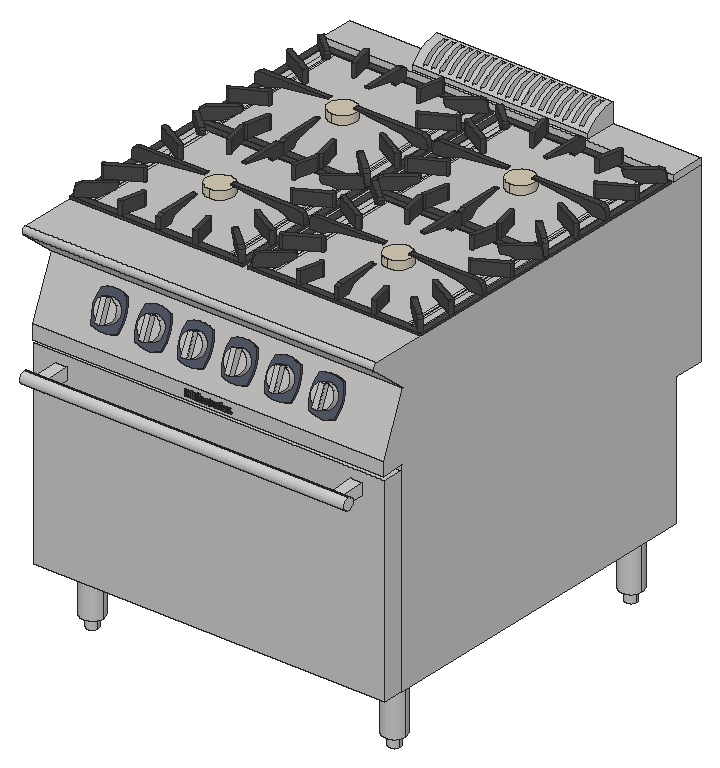
Revit family "QF_ELECTROLUXPROFESSIONAL_391574_E9AAMTBCMEI", category Attrezzature speciali, Revit 2018
Family settings
  Quota connettore circolare = Usa diametro
  Tipo di parte = Normale
  Basato su piano di lavoro = No
  Sempre verticale = Sì
  Taglio con vuoti quando caricato = No
  Condiviso = No
  Punto di calcolo locali = No
Parameters (values of type "Standard")
  Weight = 155.00 kg
  Watts = 6000 W
  Volts = 380 V
  URL Manufacturer = "https://www.electroluxprofessional.com/"
  URL = "https://www.electroluxprofessional.com/"
  Steam Supply Size = 0"
  Steam Supply Minimum Pressure = 0.00 psi
  Steam Supply Maximum Pressure = 0.00 psi
  Steam Consumption per Hour = 0
  Show Logo [instance] = yes
  Show Clearance [instance] = yes
  Refrigeration Suction Line Size = 0 mm
  Refrigeration Liquid Line Size = 0 mm
  Refrigerant Compressor Remote = yes
  Phase = 3
  Modello = "E9AAMTBCMEI"
  Produttore = "Electrolux Professional"
  Length Actual = 800 mm  # constant formula
  Item Number = "391574"
  Hot Water Size = 0"
  Height Actual = 850 mm  # constant formula
  HP = "8 HP"
  Gas Size = 1/2"
  Gas KW = 28
  Gas Input Pressure = 0.691056 Btu/h
  Direct Waste Size = 0"
  Descrizione = "4-BURNER GAS RANGE+ELECTRIC OVEN 800MM - QMARK"
  Depth Actual = 930 mm  # constant formula
  Cycle = 50 Hz
  Condensate Return Size = 0"
  Compressed Air Volume = 0 GPM
  Compressed Air Size = 0"
  Compressed Air Pressure = 0.00 psi
  Cold Water Size = 0"
  Accessory = yes
Values of the unnamed type that differ from the named types
  Weight = 0.00 kg
  Watts = 0 W
  Volts = 0 V
  URL Manufacturer = ""
  Item Number = ""
  HP = ""
  Gas KW = 0
  Gas Input Pressure = 0.0 Btu/h
  Cycle = 0 Hz
Reference planes
  plane 1 "BACK": y = 0
  plane 2: z = 0
  plane 3 "LEFT": x = 0
  plane 4 "RIGHT": x = 800.1
  plane 5 "FRONT": y = -930.275
  plane 6 "TOP": z = 909
  plane 7 "Center Y": x = 400.05
  plane 8 "Center X": y = -465.137
  plane 9: z = 150
  plane 10: z = 1397
  plane 11: y = -80.962
  plane 12: z = 851
  plane 13: x = 56
  plane 14: x = 744.1
  plane 15: y = -128
  plane 16: y = -802
  plane 17: y = -1306
  plane 18: y = -900
  plane 19: x = 552.1
  plane 20: x = 757.1
  plane 21: y = -665
Forms (mm)
  Extrusion 1, solid, material "QF_Finishes_Stainless Steel"
    sketch origin (0, 0, 0) x (0, 1, 0) y (0, 0, 1)
      loop
        line (0, 450.037) -> (0, 851) -> (-921.28, 851)
        arc (-921.28, 851) -> (-929.718, 845.109) -> (-927.095, 835.158) r 8.988
        line (-927.095, 835.158) -> (-846.681, 766.933) -> (-902.478, 641.576) -> (-902.478, 610.279) -> (-855.054, 614.975)
        arc (-855.054, 614.975) -> (-852.529, 614.227) -> (-851.437, 611.831) r 3.175
        line (-851.437, 611.831) -> (-851.437, 150) -> (-71.438, 150) -> (-71.438, 450.037) -> (0, 450.037)
    from 0 to 800.1
  Extrusion 2, solid, material "QF_Finishes_Stainless Steel"
    sketch origin (0, 0, 0) x (0, 1, 0) y (0, 0, 1)
      loop
        line (0, 851) -> (0, 865.288) -> (-76.2, 865.288) -> (-76.2, 851) -> (0, 851)
    from 0 to 800.1
  Extrusion 3, void
    sketch origin (-65.011, 0, 865.138) x (-1, 0, 0) y (0, -1, 0)
      loop
        line (-295.005, 6.761) -> (-285.709, 6.761) -> (-285.709, 63.911) -> (-295.005, 63.911) -> (-295.005, 6.761)
      loop
        line (-313.697, 6.761) -> (-304.401, 6.761) -> (-304.401, 63.911) -> (-313.697, 63.911) -> (-313.697, 6.761)
      loop
        line (-332.39, 6.761) -> (-323.094, 6.761) -> (-323.094, 63.911) -> (-332.39, 63.911) -> (-332.39, 6.761)
      loop
        line (-351.082, 6.761) -> (-341.787, 6.761) -> (-341.787, 63.911) -> (-351.082, 63.911) -> (-351.082, 6.761)
      loop
        line (-369.775, 6.761) -> (-360.479, 6.761) -> (-360.479, 63.911) -> (-369.775, 63.911) -> (-369.775, 6.761)
      loop
        line (-388.468, 6.761) -> (-379.172, 6.761) -> (-379.172, 63.911) -> (-388.468, 63.911) -> (-388.468, 6.761)
      loop
        line (-407.16, 6.761) -> (-397.864, 6.761) -> (-397.864, 63.911) -> (-407.16, 63.911) -> (-407.16, 6.761)
      loop
        line (-425.853, 6.761) -> (-416.557, 6.761) -> (-416.557, 63.911) -> (-425.853, 63.911) -> (-425.853, 6.761)
      loop
        line (-444.545, 6.761) -> (-435.25, 6.761) -> (-435.25, 63.911) -> (-444.545, 63.911) -> (-444.545, 6.761)
      loop
        line (-463.238, 6.761) -> (-453.942, 6.761) -> (-453.942, 63.911) -> (-463.238, 63.911) -> (-463.238, 6.761)
      loop
        line (-481.493, 6.761) -> (-472.635, 6.761) -> (-472.635, 63.911) -> (-481.493, 63.911) -> (-481.493, 6.761)
      loop
        line (-500.186, 6.761) -> (-490.89, 6.761) -> (-490.89, 63.911) -> (-500.186, 63.911) -> (-500.186, 6.761)
      loop
        line (-518.878, 6.761) -> (-509.583, 6.761) -> (-509.583, 63.911) -> (-518.878, 63.911) -> (-518.878, 6.761)
      loop
        line (-537.571, 6.761) -> (-528.275, 6.761) -> (-528.275, 63.911) -> (-537.571, 63.911) -> (-537.571, 6.761)
      loop
        line (-556.264, 6.761) -> (-546.968, 6.761) -> (-546.968, 63.911) -> (-556.264, 63.911) -> (-556.264, 6.761)
      loop
        line (-574.956, 6.761) -> (-565.66, 6.761) -> (-565.66, 63.911) -> (-574.956, 63.911) -> (-574.956, 6.761)
      loop
        line (-593.649, 6.761) -> (-584.353, 6.761) -> (-584.353, 63.911) -> (-593.649, 63.911) -> (-593.649, 6.761)
      loop
        line (-612.341, 6.761) -> (-603.046, 6.761) -> (-603.046, 63.911) -> (-612.341, 63.911) -> (-612.341, 6.761)
      loop
        line (-631.034, 6.761) -> (-621.738, 6.761) -> (-621.738, 63.911) -> (-631.034, 63.911) -> (-631.034, 6.761)
      loop
        line (-649.727, 6.761) -> (-640.431, 6.761) -> (-640.431, 63.911) -> (-649.727, 63.911) -> (-649.727, 6.761)
    from 9.525 to 45.348
  Extrusion 4, solid, material "QF_Finishes_Stainless Steel"
    sketch origin (400.05, 175.397, 1219.2) x (0, 1, 0) y (0, 0, 1)
      loop
        line (-175.397, -353.912) -> (-175.397, -310.2)
        arc (-175.397, -310.2) -> (-214.469, -318.821) -> (-245.247, -344.387) r 84.854
        line (-245.247, -344.387) -> (-245.247, -353.912) -> (-175.397, -353.912)
    from -200.05 to 199.95
  Extrusion 5, solid, material "QF_Finishes_Navy Blue"
    sketch origin (0, -879.281, 692.691) x (0, -0.406642, -0.913587) y (1, 0, 0)
      loop
        arc (-53.776, 223.651) -> (-18.194, 216.027) -> (17.514, 223.034) r 90.5
        arc (17.514, 223.034) -> (24.34, 252.222) -> (17.514, 281.409) r 65.817
        arc (17.514, 281.409) -> (-18.193, 288.369) -> (-53.776, 280.797) r 91.066
        arc (-53.776, 280.797) -> (-60.332, 252.224) -> (-53.776, 223.651) r 65.546
      loop
        arc (-53.776, 123.651) -> (-18.194, 116.027) -> (17.514, 123.034) r 90.5
        arc (17.514, 123.034) -> (24.34, 152.222) -> (17.514, 181.409) r 65.817
        arc (17.514, 181.409) -> (-18.193, 188.369) -> (-53.776, 180.797) r 91.066
        arc (-53.776, 180.797) -> (-60.332, 152.224) -> (-53.776, 123.651) r 65.546
      loop
        arc (-53.776, 576.786) -> (-60.332, 548.214) -> (-53.776, 519.641) r 65.546
        arc (-53.776, 519.641) -> (-18.193, 512.068) -> (17.514, 519.028) r 91.066
        arc (17.514, 519.028) -> (24.34, 548.216) -> (17.514, 577.404) r 65.817
        arc (17.514, 577.404) -> (-18.194, 584.411) -> (-53.776, 576.786) r 90.5
      loop
        arc (-53.776, 676.349) -> (-60.237, 647.995) -> (-53.776, 619.641) r 65.451
        arc (-53.776, 619.641) -> (-18.194, 612.032) -> (17.514, 619.025) r 90.665
        arc (17.514, 619.025) -> (24.245, 647.997) -> (17.514, 676.969) r 65.722
        arc (17.514, 676.969) -> (-18.195, 684.01) -> (-53.776, 676.349) r 90.1
      loop
        arc (-53.776, 420.279) -> (-18.194, 412.655) -> (17.514, 419.662) r 90.5
        arc (17.514, 419.662) -> (24.34, 448.849) -> (17.514, 478.037) r 65.817
        arc (17.514, 478.037) -> (-18.193, 484.997) -> (-53.776, 477.424) r 91.066
        arc (-53.776, 477.424) -> (-60.332, 448.852) -> (-53.776, 420.279) r 65.546
      loop
        arc (-53.776, 320.279) -> (-18.194, 312.655) -> (17.514, 319.662) r 90.5
        arc (17.514, 319.662) -> (24.34, 348.849) -> (17.514, 378.037) r 65.817
        arc (17.514, 378.037) -> (-18.193, 384.997) -> (-53.776, 377.424) r 91.066
        arc (-53.776, 377.424) -> (-60.332, 348.852) -> (-53.776, 320.279) r 65.546
    from 0 to 3.175
  Extrusion 6, solid, material "QF_Finishes_Stainless Steel"
    sketch origin (0, -882.182, 693.982) x (0, -0.406642, -0.913587) y (1, 0, 0)
      loop
        circle (-18.131, 252.457) r 25.4
      loop
        circle (-18.131, 152.457) r 25.4
      loop
        circle (-18.131, 547.543) r 25.4
      loop
        circle (-18.131, 647.543) r 25.4
      loop
        circle (-18.131, 349.085) r 25.4
      loop
        circle (-18.131, 449.085) r 25.4
    from 0 to 12.7
  Extrusion 7, solid, material "QF_Finishes_Stainless Steel"
    sketch origin (0, -893.785, 699.146) x (0, -0.406642, -0.913587) y (1, 0, 0)
      loop
        arc (-42.863, 258.243) -> (-43.531, 252.457) -> (-42.863, 246.671) r 25.4
        line (-42.863, 246.671) -> (6.601, 246.671)
        arc (6.601, 246.671) -> (7.269, 252.457) -> (6.601, 258.243) r 25.4
        line (6.601, 258.243) -> (-42.863, 258.243)
      loop
        arc (-42.863, 158.243) -> (-43.531, 152.457) -> (-42.863, 146.671) r 25.4
        line (-42.863, 146.671) -> (6.601, 146.671)
        arc (6.601, 146.671) -> (7.269, 152.457) -> (6.601, 158.243) r 25.4
        line (6.601, 158.243) -> (-42.863, 158.243)
      loop
        arc (-42.863, 553.425) -> (-43.531, 547.639) -> (-42.863, 541.852) r 25.4
        line (-42.863, 541.852) -> (6.601, 541.852)
        arc (6.601, 541.852) -> (7.269, 547.639) -> (6.601, 553.425) r 25.4
        line (6.601, 553.425) -> (-42.863, 553.425)
      loop
        arc (-42.863, 653.425) -> (-43.531, 647.639) -> (-42.863, 641.852) r 25.4
        line (-42.863, 641.852) -> (6.601, 641.852)
        arc (6.601, 641.852) -> (7.269, 647.639) -> (6.601, 653.425) r 25.4
        line (6.601, 653.425) -> (-42.863, 653.425)
      loop
        arc (-42.863, 454.871) -> (-43.531, 449.085) -> (-42.863, 443.299) r 25.4
        line (-42.863, 443.299) -> (6.601, 443.299)
        arc (6.601, 443.299) -> (7.269, 449.085) -> (6.601, 454.871) r 25.4
        line (6.601, 454.871) -> (-42.863, 454.871)
      loop
        arc (-42.863, 354.871) -> (-43.531, 349.085) -> (-42.863, 343.299) r 25.4
        line (-42.863, 343.299) -> (6.601, 343.299)
        arc (6.601, 343.299) -> (7.269, 349.085) -> (6.601, 354.871) r 25.4
        line (6.601, 354.871) -> (-42.863, 354.871)
    from 0 to 12.7
  Extrusion 8, solid, material "QF_Finishes_Navy Blue", visible <- "Show Logo"
    sketch origin (0, -902.478, 610.279) x (0, 0, 1) y (-1, 0, 0)
      loop
        line (21.268, -357.807) -> (8.901, -357.807)
        arc (8.901, -357.807) -> (15.085, -362.379) -> (21.268, -357.807) r 6.467
      loop
        arc (21.268, -357.178) -> (20.099, -352.035) -> (15.443, -349.557) r 6.338
        line (15.443, -349.557) -> (15.443, -351.603)
        arc (15.443, -351.603) -> (16.927, -355.258) -> (20.372, -357.178) r 5.941
        line (20.372, -357.178) -> (21.268, -357.178)
      loop
        arc (9.797, -357.178) -> (13.242, -355.258) -> (14.726, -351.603) r 5.941
        line (14.726, -351.603) -> (14.726, -349.557)
        arc (14.726, -349.557) -> (10.032, -352.031) -> (8.742, -357.178) r 6.504
        line (8.742, -357.178) -> (9.797, -357.178)
      loop
        line (21.943, -349.088) -> (8.198, -349.088) -> (8.198, -362.851) -> (21.943, -362.851) -> (21.943, -349.088)
      loop
        arc (22.026, -365.819) -> (21.679, -365.461) -> (21.312, -365.799) r 0.358
        arc (21.312, -365.799) -> (20.997, -366.549) -> (20.281, -366.934) r 1.216
        line (20.281, -366.934) -> (9.868, -366.934)
        arc (9.868, -366.934) -> (9.208, -366.657) -> (8.812, -366.06) r 1.238
        arc (8.812, -366.06) -> (8.417, -365.809) -> (8.112, -366.163) r 0.358
        line (8.112, -366.163) -> (8.112, -376.042) -> (10.863, -376.042) -> (10.863, -375.145)
        arc (10.863, -375.145) -> (9.954, -374.565) -> (9.498, -373.588) r 1.928
        line (9.498, -373.588) -> (9.498, -371.089)
        arc (9.498, -371.089) -> (9.774, -370.36) -> (10.462, -369.996) r 1.101
        line (10.462, -369.996) -> (14.549, -369.996) -> (14.549, -373.67)
        arc (14.549, -373.67) -> (14.196, -374.167) -> (13.631, -374.395) r 1.083
        arc (13.631, -374.395) -> (13.367, -374.7) -> (13.659, -374.978) r 0.292
        line (13.659, -374.978) -> (16.621, -374.978)
        arc (16.621, -374.978) -> (16.924, -374.705) -> (16.686, -374.375) r 0.305
        arc (16.686, -374.375) -> (16.195, -374.127) -> (15.89, -373.67) r 1.083
        line (15.89, -373.67) -> (15.89, -369.996) -> (20.567, -369.996) -> (20.567, -373.744)
        arc (20.567, -373.744) -> (20.353, -374.499) -> (19.747, -374.997) r 1.314
        arc (19.747, -374.997) -> (19.527, -375.401) -> (19.882, -375.694) r 0.361
        line (19.882, -375.694) -> (22.026, -375.694) -> (22.026, -365.819)
      loop
        arc (21.309, -376.474) -> (20.928, -377.393) -> (20.01, -377.773) r 1.299
        line (20.01, -377.773) -> (10.431, -377.773)
        arc (10.431, -377.773) -> (9.593, -377.395) -> (9.321, -376.517) r 1.118
        line (9.321, -376.517) -> (8.112, -376.517) -> (8.112, -381.867) -> (9.3, -381.867)
        arc (9.3, -381.867) -> (9.572, -380.95) -> (10.442, -380.554) r 1.153
        line (10.442, -380.554) -> (22.514, -380.554) -> (21.309, -376.474)
      loop
        line (13.077, -384.503) -> (13.077, -390.951) -> (13.876, -390.951)
        arc (13.876, -390.951) -> (16.456, -389.966) -> (17.725, -387.513) r 3.874
        line (17.725, -387.513) -> (17.725, -385.752)
        arc (17.725, -385.752) -> (16.538, -382.887) -> (13.674, -381.701) r 4.051
        line (13.674, -381.701) -> (11.666, -381.701)
        arc (11.666, -381.701) -> (8.847, -383.186) -> (7.795, -386.193) r 4.352
        arc (7.795, -386.193) -> (8.16, -388.656) -> (9.537, -390.73) r 5.713
        line (9.537, -390.73) -> (10.486, -390.73)
        arc (10.486, -390.73) -> (9.754, -389.161) -> (9.537, -387.443) r 5.579
        arc (9.537, -387.443) -> (10.331, -385.48) -> (12.21, -384.503) r 3.057
        line (12.21, -384.503) -> (13.077, -384.503)
      loop
        line (14.336, -384.503) -> (14.336, -388.085)
        arc (14.336, -388.085) -> (15.793, -388.133) -> (16.676, -386.973) r 1.59
        line (16.676, -386.973) -> (16.676, -386.143)
        arc (16.676, -386.143) -> (15.811, -384.888) -> (14.336, -384.503) r 2.184
      loop
        arc (17.127, -400.368) -> (17.616, -398.694) -> (17.773, -396.957) r 9.023
        line (17.773, -396.957) -> (17.773, -395.595)
        arc (17.773, -395.595) -> (16.614, -392.795) -> (13.814, -391.636) r 3.959
        line (13.814, -391.636) -> (11.214, -391.636)
        arc (11.214, -391.636) -> (8.932, -392.928) -> (7.815, -395.301) r 4.331
        line (7.815, -395.301) -> (7.815, -397.436)
        arc (7.815, -397.436) -> (8.323, -398.986) -> (9.245, -400.332) r 5.772
        arc (9.245, -400.332) -> (10.006, -400.383) -> (10.093, -399.624) r 0.553
        arc (10.093, -399.624) -> (9.705, -398.89) -> (9.571, -398.071) r 2.573
        line (9.571, -398.071) -> (9.571, -396.556)
        arc (9.571, -396.556) -> (10.577, -394.915) -> (12.392, -394.272) r 2.884
        line (12.392, -394.272) -> (13.67, -394.272)
        arc (13.67, -394.272) -> (15.492, -394.832) -> (16.418, -396.497) r 2.554
        line (16.418, -396.497) -> (16.418, -397.55)
        arc (16.418, -397.55) -> (16.087, -398.478) -> (15.43, -399.213) r 2.564
        arc (15.43, -399.213) -> (15.208, -399.93) -> (15.817, -400.368) r 0.643
        line (15.817, -400.368) -> (17.127, -400.368)
      loop
        line (16.109, -400.638) -> (16.109, -402.139) -> (10.061, -402.139)
        arc (10.061, -402.139) -> (8.473, -402.797) -> (7.815, -404.385) r 2.246
        line (7.815, -404.385) -> (7.815, -405.969)
        arc (7.815, -405.969) -> (8.129, -406.834) -> (8.629, -407.605) r 4.06
        arc (8.629, -407.605) -> (9.362, -407.738) -> (9.613, -407.037) r 0.576
        arc (9.613, -407.037) -> (9.507, -406.512) -> (9.571, -405.979) r 1.69
        arc (9.571, -405.979) -> (10.113, -405.191) -> (11.019, -404.888) r 1.506
        line (11.019, -404.888) -> (16.157, -404.888) -> (16.157, -407.285) -> (16.713, -407.842) -> (17.535, -407.842) -> (17.535, -404.982) -> (20.766, -404.982) -> (16.109, -400.638)
      loop
        line (8.032, -408.739) -> (8.032, -414.126) -> (9.142, -414.126)
        arc (9.142, -414.126) -> (9.536, -413.175) -> (10.487, -412.781) r 1.345
        line (10.487, -412.781) -> (14.103, -412.781)
        arc (14.103, -412.781) -> (14.868, -413.373) -> (15.157, -414.295) r 1.615
        line (15.157, -414.295) -> (15.157, -415.851) -> (17.713, -416.536) -> (17.713, -415.153) -> (15.771, -412.594) -> (17.651, -412.594) -> (17.367, -409.888)
        arc (17.367, -409.888) -> (16.927, -409.358) -> (16.268, -409.559) r 0.621
        arc (16.268, -409.559) -> (15.868, -409.901) -> (15.374, -410.084) r 1.501
        line (15.374, -410.084) -> (10.487, -410.084)
        arc (10.487, -410.084) -> (9.536, -409.69) -> (9.142, -408.739) r 1.345
        line (9.142, -408.739) -> (8.032, -408.739)
      loop
        line (14.134, -416.073) -> (11.442, -416.073)
        arc (11.442, -416.073) -> (8.996, -417.381) -> (7.863, -419.912) r 4.288
        arc (7.863, -419.912) -> (7.799, -421.292) -> (7.863, -422.672) r 15.022
        arc (7.863, -422.672) -> (8.996, -425.203) -> (11.442, -426.51) r 4.288
        line (11.442, -426.51) -> (14.134, -426.51)
        arc (14.134, -426.51) -> (16.579, -425.203) -> (17.713, -422.672) r 4.288
        arc (17.713, -422.672) -> (17.777, -421.292) -> (17.713, -419.912) r 15.022
        arc (17.713, -419.912) -> (16.579, -417.381) -> (14.134, -416.073) r 4.288
      loop
        line (14.339, -419.187) -> (11.237, -419.187)
        arc (11.237, -419.187) -> (9.08, -421.344) -> (11.237, -423.501) r 2.157
        line (11.237, -423.501) -> (14.339, -423.501)
        arc (14.339, -423.501) -> (16.496, -421.344) -> (14.339, -419.187) r 2.157
      loop
        arc (21.32, -426.369) -> (20.949, -427.263) -> (20.055, -427.633) r 1.264
        line (20.055, -427.633) -> (10.191, -427.633)
        arc (10.191, -427.633) -> (9.321, -427.236) -> (9.049, -426.32) r 1.153
        line (9.049, -426.32) -> (8.112, -426.32) -> (8.112, -431.428) -> (9.04, -431.428)
        arc (9.04, -431.428) -> (9.399, -430.656) -> (10.191, -430.341) r 1.153
        line (10.191, -430.341) -> (22.514, -430.341) -> (21.32, -426.369)
      loop
        arc (16.44, -430.966) -> (16.241, -432.03) -> (15.272, -432.512) r 1.215
        line (15.272, -432.512) -> (10.252, -432.512)
        arc (10.252, -432.512) -> (8.637, -433.16) -> (7.916, -434.743) r 2.338
        line (7.916, -434.743) -> (7.916, -436.257)
        arc (7.916, -436.257) -> (8.091, -437.261) -> (8.593, -438.147) r 2.979
        line (8.593, -438.147) -> (8.112, -439.944) -> (8.112, -441.633) -> (17.537, -441.633) -> (17.243, -437.429) -> (16.457, -437.429)
        arc (16.457, -437.429) -> (16.101, -438.265) -> (15.349, -438.774) r 1.605
        line (15.349, -438.774) -> (10.246, -438.774)
        arc (10.246, -438.774) -> (9.826, -437.837) -> (9.753, -436.813) r 2.94
        arc (9.753, -436.813) -> (10.314, -435.712) -> (11.467, -435.269) r 1.724
        line (11.467, -435.269) -> (17.664, -435.269) -> (16.44, -430.966)
      loop
        line (17.468, -442.486) -> (15.796, -444.532) -> (12.622, -446.838) -> (9.166, -443.726)
        arc (9.166, -443.726) -> (8.928, -443.332) -> (8.951, -442.873) r 0.789
        line (8.951, -442.873) -> (8.112, -442.873) -> (8.112, -446.418) -> (8.938, -446.418)
        arc (8.938, -446.418) -> (9.28, -446.056) -> (9.77, -446.148) r 0.52
        line (9.77, -446.148) -> (11.57, -447.619) -> (9.452, -448.995)
        arc (9.452, -448.995) -> (9.051, -448.685) -> (8.964, -448.185) r 0.7
        line (8.964, -448.185) -> (8.112, -448.185) -> (8.112, -454.112) -> (8.998, -454.112)
        arc (8.998, -454.112) -> (9.065, -453.453) -> (9.46, -452.922) r 1.247
        line (9.46, -452.922) -> (13.66, -449.641) -> (16.107, -451.694) -> (17.468, -453.436) -> (17.468, -449.713) -> (15.983, -450.135) -> (14.462, -448.858) -> (16.162, -447.668) -> (17.468, -448.445) -> (17.468, -442.486)
    from 0 to 1.644
  Extrusion 9, solid, material "QF_Finishes_Stainless Steel"
    sketch origin (0, -851.437, 611.831) x (0, 0, -1) y (1, 0, 0)
      loop
        line (461.056, 0) -> (461.056, 800) -> (9.61, 800) -> (9.61, 0) -> (461.056, 0)
    from 3.175 to 48.563
  Extrusion 10, solid, material "QF_Door-Drawer Clearances", visible <- "Show Clearance", detail levels coarse
    sketch origin (800, -851.437, 150.775) x (0, 0, 1) y (0, -1, 0)
      loop
        line (0, 454.563) -> (0, 48.563) -> (451.635, 48.563)
        arc (451.635, 48.563) -> (296.232, 329.892) -> (0, 454.563) r 490.361
    from 0 to -800
  Extrusion 11, solid, material "QF_Clearances", visible <- "Show Clearance", detail levels coarse
    sketch origin (0, 0, 0) x (1, 0, 0) y (0, 1, 0)
      loop
        line (-100.013, -930.275) -> (0, -930.275) -> (0, 0) -> (800.1, 0) -> (800.1, -930.275) -> (900.113, -930.275) -> (900.113, 100.013) -> (-100.013, 100.013) -> (-100.013, -930.275)
    from 0 to 909
  Revolve 12, solid, material "QF_Finishes_Stainless Steel"
    sketch origin (800.1, -128, 611.731) x (0, 0, -1) y (1, 0, 0)
      loop
        line (461.731, -56) -> (611.731, -56) -> (611.731, -43.3) -> (586.331, -43.3) -> (586.331, -30.6) -> (461.731, -30.6) -> (461.731, -56)
      axis (611.731, -56) -> (461.731, -56)
    angle from 0 to 360
  Revolve 13, solid, material "QF_Finishes_Stainless Steel"
    sketch origin (111.125, -128, 611.731) x (0, 0, -1) y (1, 0, 0)
      loop
        line (461.731, -55.125) -> (611.731, -55.125) -> (611.731, -42.425) -> (586.331, -42.425) -> (586.331, -29.725) -> (461.731, -29.725) -> (461.731, -55.125)
      axis (611.731, -55.125) -> (461.731, -55.125)
    angle from 0 to 360
  Revolve 14, solid, material "QF_Finishes_Stainless Steel"
    sketch origin (800.1, -802, 611.731) x (0, 0, -1) y (1, 0, 0)
      loop
        line (461.731, -56) -> (611.731, -56) -> (611.731, -43.3) -> (586.331, -43.3) -> (586.331, -30.6) -> (461.731, -30.6) -> (461.731, -56)
      axis (611.731, -56) -> (461.731, -56)
    angle from 0 to 360
  Revolve 15, solid, material "QF_Finishes_Stainless Steel"
    sketch origin (111.125, -802, 611.731) x (0, 0, -1) y (1, 0, 0)
      loop
        line (461.731, -55.125) -> (611.731, -55.125) -> (611.731, -42.425) -> (586.331, -42.425) -> (586.331, -29.725) -> (461.731, -29.725) -> (461.731, -55.125)
      axis (611.731, -55.125) -> (461.731, -55.125)
    angle from 0 to 360
  Extrusion 16, solid, material "QF_Finishes_Handrails and Railings"
    sketch origin (50.8, -1067.312, 150) x (0, 0, 1) y (0, 1, 0)
      loop
        circle (421.409, 103.146) r 12.7
    from 19.875 to -718.375
  Extrusion 17, solid, material "QF_Finishes_Handrails and Railings"
    sketch origin (800, -1067.312, 150) x (0, 0, 1) y (0, -1, 0)
      loop
        line (430.101, -167.312) -> (427.396, -114.347)
        arc (427.396, -114.347) -> (413.589, -113.153) -> (409.093, -100.044) r 12.7
        arc (409.093, -100.044) -> (408.276, -100.585) -> (407.501, -101.183) r 13.441
        arc (407.501, -101.183) -> (406.055, -102.989) -> (405.435, -105.216) r 5.77
        line (405.435, -105.216) -> (402.092, -167.312) -> (430.101, -167.312)
    from -50.7 to -76.1
  Extrusion 18, solid, material "QF_Finishes_Handrails and Railings"
    sketch origin (0.1, -1067.312, 150) x (0, 0, 1) y (0, 1, 0)
      loop
        line (430.101, 167.312) -> (402.092, 167.312) -> (405.435, 105.216)
        arc (405.435, 105.216) -> (406.055, 102.989) -> (407.501, 101.183) r 5.77
        arc (407.501, 101.183) -> (408.276, 100.585) -> (409.093, 100.044) r 13.441
        arc (409.093, 100.044) -> (413.589, 113.153) -> (427.396, 114.347) r 12.7
        line (427.396, 114.347) -> (430.101, 167.312)
    from -50.7 to -76.1
  Extrusion 19, solid, material "QF_Finishes_Stainless Steel"
    sketch origin (0, -851.437, 150) x (1, 0, 0) y (0, -1, 0)
      loop
        circle (757.1, -91.437) r 12.7
    from 0 to 4
  Extrusion 20, solid, material "QF_Finishes_Stainless Steel"
    sketch origin (0, -851.437, 150) x (1, 0, 0) y (0, -1, 0)
      loop
        circle (749.1, -186.437) r 6.4
    from 0 to 21
  Extrusion 21, solid, material "QF_Finishes_Stainless Steel"
    sketch origin (0, -851.437, 150) x (1, 0, 0) y (0, -1, 0)
      loop
        circle (649.1, -316.437) r 12.7
    from 0 to 3
Cuts and joins
  Extrusion 3 cuts Extrusion 4
Lines and regions (mm)
  Split face 1
    outline origin (0, -846.681, 766.933) x (0, -0.406642, -0.913587) y (1, 0, 0)
      loop
        circle (14.837, 511.387) r 5
  Split face 2
    outline origin (800.1, -846.681, 766.933) x (0, -0.406642, -0.913587) y (1, 0, 0)
      loop
        circle (14.837, -511.387) r 5
  symbolic lines, style "QF_Clearances", visible <- "Show Clearance", detail levels coarse
    curve 1: line (-100.013, -930.275, 0) -> (-100.012, 100.013, 0)
    curve 2: line (-100.013, 100.013, 0) -> (900.113, 100.013, 0)
    curve 3: line (900.113, 100.013, 0) -> (900.113, -929.879, 0)
  symbolic lines
    curve 4: line (0, 0, 0) -> (800.1, 0, 0)
    curve 5: line (800.1, 0, 0) -> (800.1, -930.275, 0)
    curve 6: line (0, -930.275, 0) -> (0, 0, 0)
    curve 7: line (0, -76.2, 0) -> (800.1, -76.2, 0)
    curve 8: line (0, -930.275, 0) -> (800.1, -930.275, 0)
    curve 13: line (50.8, -967.268, 0) -> (50.8, -930.275, 0)
    curve 14: line (50.8, -967.268, 0) -> (76.2, -967.268, 0)
    curve 15: line (76.2, -967.268, 0) -> (76.2, -930.275, 0)
    curve 16: line (30.925, -951.466, 0) -> (30.925, -976.866, 0)
    curve 17: line (30.925, -976.866, 0) -> (769.175, -976.866, 0)
    curve 18: line (769.175, -976.866, 0) -> (769.175, -951.466, 0)
    curve 19: line (769.175, -951.466, 0) -> (749.3, -951.466, 0)
    curve 20: line (749.3, -967.268, 0) -> (749.3, -930.275, 0)
    curve 21: line (723.9, -930.275, 0) -> (723.9, -967.268, 0)
    curve 22: line (723.9, -967.268, 0) -> (749.3, -967.268, 0)
    curve 23: line (76.2, -951.468, 0) -> (723.9, -951.468, 0)
    curve 24: line (200, -69.85, 0) -> (600, -69.85, 0)
    curve 25: line (220.698, -63.911, 0) -> (220.698, -6.761, 0)
    curve 26: line (220.698, -6.761, 0) -> (229.994, -6.761, 0)
    curve 27: line (229.994, -6.761, 0) -> (229.994, -63.911, 0)
    curve 28: line (229.994, -63.911, 0) -> (220.698, -63.911, 0)
    curve 29: line (239.39, -63.911, 0) -> (239.39, -6.761, 0)
    curve 30: line (239.39, -6.761, 0) -> (248.686, -6.761, 0)
    curve 31: line (248.686, -6.761, 0) -> (248.686, -63.911, 0)
    curve 32: line (248.686, -63.911, 0) -> (239.39, -63.911, 0)
    curve 33: line (258.083, -63.911, 0) -> (258.083, -6.761, 0)
    curve 34: line (258.083, -6.761, 0) -> (267.379, -6.761, 0)
    curve 35: line (267.379, -6.761, 0) -> (267.379, -63.911, 0)
    curve 36: line (267.379, -63.911, 0) -> (258.083, -63.911, 0)
    curve 37: line (276.776, -63.911, 0) -> (276.776, -6.761, 0)
    curve 38: line (276.776, -6.761, 0) -> (286.071, -6.761, 0)
    curve 39: line (286.071, -6.761, 0) -> (286.071, -63.911, 0)
    curve 40: line (286.071, -63.911, 0) -> (276.776, -63.911, 0)
    curve 41: line (295.468, -63.911, 0) -> (295.468, -6.761, 0)
    curve 42: line (295.468, -6.761, 0) -> (304.764, -6.761, 0)
    curve 43: line (304.764, -6.761, 0) -> (304.764, -63.911, 0)
    curve 44: line (304.764, -63.911, 0) -> (295.468, -63.911, 0)
    curve 45: line (314.161, -63.911, 0) -> (314.161, -6.761, 0)
    curve 46: line (314.161, -6.761, 0) -> (323.457, -6.761, 0)
    curve 47: line (323.457, -6.761, 0) -> (323.457, -63.911, 0)
    curve 48: line (323.457, -63.911, 0) -> (314.161, -63.911, 0)
    curve 49: line (332.854, -63.911, 0) -> (332.854, -6.761, 0)
    curve 50: line (332.854, -6.761, 0) -> (342.149, -6.761, 0)
    curve 51: line (342.149, -6.761, 0) -> (342.149, -63.911, 0)
    curve 52: line (342.149, -63.911, 0) -> (332.854, -63.911, 0)
    curve 53: line (351.546, -63.911, 0) -> (351.546, -6.761, 0)
    curve 54: line (351.546, -6.761, 0) -> (360.842, -6.761, 0)
    curve 55: line (360.842, -6.761, 0) -> (360.842, -63.911, 0)
    curve 56: line (360.842, -63.911, 0) -> (351.546, -63.911, 0)
    curve 57: line (370.239, -63.911, 0) -> (370.239, -6.761, 0)
    curve 58: line (370.239, -6.761, 0) -> (379.534, -6.761, 0)
    curve 59: line (379.534, -6.761, 0) -> (379.534, -63.911, 0)
    curve 60: line (379.534, -63.911, 0) -> (370.239, -63.911, 0)
    curve 61: line (388.931, -63.911, 0) -> (388.931, -6.761, 0)
    curve 62: line (388.931, -6.761, 0) -> (398.227, -6.761, 0)
    curve 63: line (398.227, -6.761, 0) -> (398.227, -63.911, 0)
    curve 64: line (398.227, -63.911, 0) -> (388.931, -63.911, 0)
    curve 65: line (407.624, -63.911, 0) -> (407.624, -6.761, 0)
    curve 66: line (407.624, -6.761, 0) -> (416.482, -6.761, 0)
    curve 67: line (416.482, -6.761, 0) -> (416.482, -63.911, 0)
    curve 68: line (416.482, -63.911, 0) -> (407.624, -63.911, 0)
    curve 69: line (425.879, -63.911, 0) -> (425.879, -6.761, 0)
    curve 70: line (425.879, -6.761, 0) -> (435.175, -6.761, 0)
    curve 71: line (435.175, -6.761, 0) -> (435.175, -63.911, 0)
    curve 72: line (435.175, -63.911, 0) -> (425.879, -63.911, 0)
    curve 73: line (444.572, -63.911, 0) -> (444.572, -6.761, 0)
    curve 74: line (444.572, -6.761, 0) -> (453.867, -6.761, 0)
    curve 75: line (453.867, -6.761, 0) -> (453.867, -63.911, 0)
    curve 76: line (453.867, -63.911, 0) -> (444.572, -63.911, 0)
    curve 77: line (463.264, -63.911, 0) -> (463.264, -6.761, 0)
    curve 78: line (463.264, -6.761, 0) -> (472.56, -6.761, 0)
    curve 79: line (472.56, -6.761, 0) -> (472.56, -63.911, 0)
    curve 80: line (472.56, -63.911, 0) -> (463.264, -63.911, 0)
    curve 81: line (481.957, -63.911, 0) -> (481.957, -6.761, 0)
    curve 82: line (481.957, -6.761, 0) -> (491.253, -6.761, 0)
    curve 83: line (491.253, -6.761, 0) -> (491.253, -63.911, 0)
    curve 84: line (491.253, -63.911, 0) -> (481.957, -63.911, 0)
    curve 85: line (500.65, -63.911, 0) -> (500.65, -6.761, 0)
    curve 86: line (500.65, -6.761, 0) -> (509.945, -6.761, 0)
    curve 87: line (509.945, -6.761, 0) -> (509.945, -63.911, 0)
    curve 88: line (509.945, -63.911, 0) -> (500.65, -63.911, 0)
    curve 89: line (519.342, -63.911, 0) -> (519.342, -6.761, 0)
    curve 90: line (519.342, -6.761, 0) -> (528.638, -6.761, 0)
    curve 91: line (528.638, -6.761, 0) -> (528.638, -63.911, 0)
    curve 92: line (528.638, -63.911, 0) -> (519.342, -63.911, 0)
    curve 93: line (538.035, -63.911, 0) -> (538.035, -6.761, 0)
    curve 94: line (538.035, -6.761, 0) -> (547.33, -6.761, 0)
    curve 95: line (547.33, -6.761, 0) -> (547.33, -63.911, 0)
    curve 96: line (547.33, -63.911, 0) -> (538.035, -63.911, 0)
    curve 97: line (556.727, -63.911, 0) -> (556.727, -6.761, 0)
    curve 98: line (556.727, -6.761, 0) -> (566.023, -6.761, 0)
    curve 99: line (566.023, -6.761, 0) -> (566.023, -63.911, 0)
    curve 100: line (566.023, -63.911, 0) -> (556.727, -63.911, 0)
    curve 101: line (575.42, -63.911, 0) -> (575.42, -6.761, 0)
    curve 102: line (575.42, -6.761, 0) -> (584.716, -6.761, 0)
    curve 103: line (584.716, -6.761, 0) -> (584.716, -63.911, 0)
    curve 104: line (584.716, -63.911, 0) -> (575.42, -63.911, 0)
    curve 105: line (600, -69.85, 0) -> (600, 0, 0)
    curve 106: line (200, 0, 0) -> (200, -69.85, 0)
  symbolic lines, style "QF_Door-Drawer Clearances"
    curve 9: line (800.1, -930.275, 0) -> (800.1, -1306, 0)
    curve 10: line (800.1, -1306, 0) -> (0, -1306, 0)
    curve 11: line (0, -930.275, 0) -> (0, -1306, 0)
  symbolic lines, style "SpecialityEquipment"
    curve 12: line (30.925, -951.466, 0) -> (50.8, -951.466, 0)
Dimensions and locks
  equal spacing: plane 3 "LEFT", plane 7 "Center Y", plane 4 "RIGHT"
  plane 3 "LEFT" to plane 4 "RIGHT" = 800.1 mm
  equal spacing: plane 5 "FRONT", plane 8 "Center X", plane 1 "BACK"
  plane 5 "FRONT" to plane 1 "BACK" = 930.275 mm  (x3)
  plane 6 "TOP" to plane 2 = 909 mm
  plane 9 to plane 2 = 150 mm
  plane 10 to plane 2 = 1397 mm
  plane 6 "TOP" to plane 12 = 58 mm  (x2)
  plane 12 to plane 2 = 851 mm
  plane 3 "LEFT" to plane 13 = 56 mm
  plane 4 "RIGHT" to plane 14 = 56 mm
  plane 15 to plane 1 "BACK" = 128 mm
  plane 16 to plane 15 = 674 mm
  Extrusion 1 sketch curve to plane 1 "BACK" = 71.438 mm
  Extrusion 1 sketch curve to plane 9 = 300.037 mm
  plane 17 to plane 1 "BACK" = 1306 mm
  plane 18 to plane 1 "BACK" = 900 mm
  plane 18 to plane 16 = 98 mm
  plane 9 to Extrusion 1 = 300.037 mm
  plane 4 "RIGHT" to plane 19 = 248 mm
  plane 4 "RIGHT" to plane 20 = 43 mm
  plane 13 to plane 14 = 688.1 mm
  plane 21 to plane 1 "BACK" = 665 mm
  Extrusion 19 sketch curve to plane 4 "RIGHT" = 43 mm
  Extrusion 19 sketch curve to plane 1 "BACK" = 760 mm
  plane 2 to Extrusion 20 = 129 mm
  aligned and locked: level to plane 2
  aligned and locked: Extrusion 1 to plane 4 "RIGHT"
  aligned and locked: Extrusion 2 to plane 4 "RIGHT"
  aligned and locked: Extrusion 10 to Extrusion 9
  aligned and locked: plane 6 "TOP" to Extrusion 11
Automatic sketch dimensions
  Extrusion 2 sketch curve to plane 12 = 0 mm
  Extrusion 2 sketch curve to plane 1 "BACK" = 0 mm
  plane 11 to Extrusion 2 sketch curve = 4.763 mm
  plane 12 to Extrusion 2 sketch curve = 14.288 mm
  plane 19 to Extrusion 3 sketch curve = 32.616 mm
  Extrusion 3 sketch curve to Extrusion 3 sketch curve = 9.296 mm  (x18)
  Extrusion 3 sketch curve to Extrusion 3 sketch curve = 9.397 mm  (x17)
  plane 19 to Extrusion 3 sketch curve = 4.627 mm
  Extrusion 3 sketch curve to plane 19 = 4.77 mm
  plane 7 "Center Y" to Extrusion 3 sketch curve = 7.574 mm
  Extrusion 3 sketch curve to plane 7 "Center Y" = 1.823 mm
  plane 1 "BACK" to Extrusion 3 sketch curve = 6.761 mm  (x20)
  plane 11 to Extrusion 3 sketch curve = 17.052 mm  (x20)
  Extrusion 4 sketch curve to plane 1 "BACK" = 0 mm
  Extrusion 4 sketch curve to plane 6 "TOP" = 0 mm
  plane 1 "BACK" to Extrusion 4 sketch curve = 1.769 mm
  plane 11 to Extrusion 4 sketch curve = 11.113 mm
  Extrusion 4 sketch curve to plane 6 "TOP" = 34.187 mm
  Extrusion 4 sketch curve to Extrusion 4 sketch curve = 9.525 mm
  plane 19 to Extrusion 5 sketch curve = 67.541 mm
  Extrusion 5 sketch curve to plane 13 = 167.651 mm
  Extrusion 5 sketch curve to Extrusion 5 sketch curve = 0 mm  (x16)
  Extrusion 5 sketch curve to plane 7 "Center Y" = 22.626 mm
  Extrusion 5 sketch curve to plane 19 = 32.459 mm
  plane 7 "Center Y" to Extrusion 5 sketch curve = 20.229 mm
  plane 19 to Extrusion 5 sketch curve = 24.686 mm
  Extrusion 5 sketch curve to Extrusion 5 sketch curve = 12.3 mm  (x18)
  Extrusion 5 sketch curve to plane 19 = 3.884 mm
  Extrusion 5 sketch curve to Extrusion 5 sketch curve = 36.365 mm  (x7)
  plane 7 "Center Y" to Extrusion 5 sketch curve = 3.101 mm
  Extrusion 5 sketch curve to plane 7 "Center Y" = 6.115 mm
  Extrusion 5 sketch curve to Extrusion 5 sketch curve = 46.691 mm  (x6)
  plane 7 "Center Y" to Extrusion 5 sketch curve = 19.612 mm
  Extrusion 5 sketch curve to plane 7 "Center Y" = 22.013 mm
  Extrusion 5 sketch curve to Extrusion 5 sketch curve = 0.617 mm
  Extrusion 5 sketch curve to Extrusion 5 sketch curve = 16.51 mm  (x2)
  Extrusion 5 sketch curve to Extrusion 5 sketch curve = 9.217 mm  (x2)
  Extrusion 5 sketch curve to Extrusion 5 sketch curve = 15.898 mm
  Extrusion 5 sketch curve to Extrusion 5 sketch curve = 29.185 mm
  Extrusion 5 sketch curve to Extrusion 5 sketch curve = 28.57 mm  (x2)
  Extrusion 5 sketch curve to Extrusion 5 sketch curve = 13.138 mm
  Extrusion 5 sketch curve to Extrusion 5 sketch curve = 9.238 mm
  Extrusion 5 sketch curve to Extrusion 5 sketch curve = 15.894 mm
  Extrusion 5 sketch curve to Extrusion 5 sketch curve = 28.97 mm
  Extrusion 6 sketch curve to Extrusion 6 sketch curve = 0 mm  (x5)
  Extrusion 6 sketch curve to Extrusion 6 sketch curve = 100 mm  (x3)
  Extrusion 6 sketch curve to Extrusion 6 sketch curve = 96.628 mm
  Extrusion 6 sketch curve to Extrusion 6 sketch curve = 98.458 mm
  Extrusion 7 sketch curve to Extrusion 7 sketch curve = 0 mm  (x12)
  Extrusion 7 sketch curve to Extrusion 7 sketch curve = 24.732 mm  (x8)
  Extrusion 7 sketch curve to Extrusion 7 sketch curve = 86.982 mm
  Extrusion 7 sketch curve to Extrusion 7 sketch curve = 5.786 mm  (x2)
  Extrusion 7 sketch curve to Extrusion 7 sketch curve = 88.428 mm
  Extrusion 8 sketch curve to Extrusion 1 = 2.755 mm
  Extrusion 8 sketch curve to Extrusion 1 = 7.795 mm
  Extrusion 8 sketch curve to Extrusion 1 = 7.815 mm  (x2)
  Extrusion 8 sketch curve to Extrusion 8 sketch curve = 5.108 mm  (x2)
  Extrusion 8 sketch curve to Extrusion 8 sketch curve = 0 mm  (x27)
  Extrusion 8 sketch curve to Extrusion 1 = 7.916 mm
  Extrusion 8 sketch curve to Extrusion 8 sketch curve = 0.218 mm
  Extrusion 8 sketch curve to Extrusion 8 sketch curve = 0.195 mm
  Extrusion 8 sketch curve to Extrusion 8 sketch curve = 0.249 mm
  Extrusion 8 sketch curve to Extrusion 1 = 8.112 mm
  Extrusion 8 sketch curve to Extrusion 8 sketch curve = 0.087 mm
  Extrusion 8 sketch curve to Extrusion 8 sketch curve = 0.358 mm
  Extrusion 8 sketch curve to Extrusion 8 sketch curve = 0.481 mm
  Extrusion 8 sketch curve to Extrusion 8 sketch curve = 0.597 mm
  Extrusion 8 sketch curve to Extrusion 8 sketch curve = 0.544 mm
  Extrusion 8 sketch curve to Extrusion 8 sketch curve = 0.936 mm
  Extrusion 8 sketch curve to Extrusion 8 sketch curve = 0.594 mm
  Extrusion 8 sketch curve to Extrusion 8 sketch curve = 0.343 mm
  Extrusion 8 sketch curve to Extrusion 8 sketch curve = 0.159 mm
  Extrusion 8 sketch curve to Extrusion 8 sketch curve = 0.826 mm
  Extrusion 8 sketch curve to Extrusion 8 sketch curve = 0.839 mm
  Extrusion 8 sketch curve to Extrusion 8 sketch curve = 0.852 mm
  Extrusion 8 sketch curve to Extrusion 8 sketch curve = 0.887 mm
  Extrusion 8 sketch curve to Extrusion 8 sketch curve = 0.928 mm
  Extrusion 8 sketch curve to Extrusion 8 sketch curve = 0.938 mm
  Extrusion 8 sketch curve to Extrusion 8 sketch curve = 0.444 mm
  Extrusion 8 sketch curve to Extrusion 8 sketch curve = 1.11 mm  (x3)
  Extrusion 8 sketch curve to Extrusion 8 sketch curve = 0.215 mm
  Extrusion 8 sketch curve to Extrusion 8 sketch curve = 1.43 mm
  Extrusion 8 sketch curve to Extrusion 8 sketch curve = 1.188 mm
  Extrusion 8 sketch curve to Extrusion 8 sketch curve = 1.21 mm  (x2)
  Extrusion 8 sketch curve to Extrusion 8 sketch curve = 0.503 mm
  Extrusion 8 sketch curve to Extrusion 8 sketch curve = 0.488 mm
  Extrusion 8 sketch curve to Extrusion 8 sketch curve = 0.462 mm
  Extrusion 8 sketch curve to Extrusion 8 sketch curve = 1.386 mm
  Extrusion 8 sketch curve to Extrusion 8 sketch curve = 1.742 mm  (x2)
  Extrusion 8 sketch curve to Extrusion 8 sketch curve = 0.821 mm
  Extrusion 8 sketch curve to Extrusion 8 sketch curve = 0.497 mm
  Extrusion 8 sketch curve to Extrusion 8 sketch curve = 0.539 mm
  Extrusion 8 sketch curve to Extrusion 8 sketch curve = 0.199 mm
  Extrusion 8 sketch curve to Extrusion 8 sketch curve = 0.408 mm
  Extrusion 8 sketch curve to Extrusion 8 sketch curve = 0.743 mm
  Extrusion 8 sketch curve to Extrusion 8 sketch curve = 1.16 mm
  Extrusion 8 sketch curve to Extrusion 8 sketch curve = 0.329 mm
  Extrusion 8 sketch curve to Extrusion 8 sketch curve = 1.054 mm
  Extrusion 8 sketch curve to Extrusion 8 sketch curve = 1.056 mm
  Extrusion 8 sketch curve to Extrusion 8 sketch curve = 0.129 mm
  Extrusion 8 sketch curve to Extrusion 8 sketch curve = 0.489 mm
  Extrusion 8 sketch curve to Extrusion 8 sketch curve = 0.441 mm
  Extrusion 8 sketch curve to Extrusion 8 sketch curve = 1.151 mm
  Extrusion 8 sketch curve to Extrusion 8 sketch curve = 1.141 mm  (x2)
  Extrusion 8 sketch curve to Extrusion 8 sketch curve = 0.768 mm
  Extrusion 8 sketch curve to Extrusion 8 sketch curve = 1.653 mm
  Extrusion 8 sketch curve to Extrusion 8 sketch curve = 0.499 mm
  Extrusion 8 sketch curve to Extrusion 8 sketch curve = 0.964 mm
  Extrusion 8 sketch curve to Extrusion 8 sketch curve = 0.949 mm
  Extrusion 8 sketch curve to Extrusion 8 sketch curve = 1.345 mm  (x3)
  Extrusion 8 sketch curve to Extrusion 8 sketch curve = 1.101 mm
  Extrusion 8 sketch curve to Extrusion 8 sketch curve = 0.432 mm
  Extrusion 8 sketch curve to Extrusion 8 sketch curve = 1.142 mm
  Extrusion 8 sketch curve to Extrusion 8 sketch curve = 0.959 mm
  Extrusion 8 sketch curve to Extrusion 8 sketch curve = 0.176 mm
  Extrusion 8 sketch curve to Extrusion 8 sketch curve = 0.728 mm
  Extrusion 8 sketch curve to Extrusion 8 sketch curve = 3.375 mm  (x2)
  Extrusion 8 sketch curve to Extrusion 8 sketch curve = 0.541 mm
  Extrusion 8 sketch curve to Extrusion 8 sketch curve = 0.955 mm
  Extrusion 8 sketch curve to Extrusion 8 sketch curve = 1.251 mm
  Extrusion 8 sketch curve to Extrusion 8 sketch curve = 0.572 mm
  Extrusion 8 sketch curve to Extrusion 8 sketch curve = 1.92 mm
  Extrusion 8 sketch curve to Extrusion 8 sketch curve = 1.224 mm
  Extrusion 8 sketch curve to Extrusion 8 sketch curve = 0.745 mm
  Extrusion 8 sketch curve to Extrusion 8 sketch curve = 2.537 mm
  Extrusion 8 sketch curve to Extrusion 8 sketch curve = 0.896 mm  (x3)
  Extrusion 8 sketch curve to Extrusion 8 sketch curve = 0.036 mm
  Extrusion 8 sketch curve to Extrusion 8 sketch curve = 2.607 mm
  Extrusion 8 sketch curve to Extrusion 8 sketch curve = 0.066 mm
  Extrusion 8 sketch curve to Extrusion 8 sketch curve = 0.248 mm
  Extrusion 8 sketch curve to Extrusion 8 sketch curve = 0.449 mm
  Extrusion 8 sketch curve to Extrusion 8 sketch curve = 1.052 mm
  Extrusion 8 sketch curve to Extrusion 8 sketch curve = 1.863 mm
  Extrusion 8 sketch curve to Extrusion 8 sketch curve = 1.31 mm  (x2)
  Extrusion 8 sketch curve to Extrusion 8 sketch curve = 0.901 mm
  Extrusion 8 sketch curve to Extrusion 8 sketch curve = 1.107 mm
  Extrusion 8 sketch curve to Extrusion 8 sketch curve = 2.122 mm
  Extrusion 8 sketch curve to Extrusion 8 sketch curve = 2.101 mm
  Extrusion 8 sketch curve to Extrusion 8 sketch curve = 0.106 mm
  Extrusion 8 sketch curve to Extrusion 8 sketch curve = 0.029 mm
  Extrusion 8 sketch curve to Extrusion 8 sketch curve = 2.09 mm
  Extrusion 8 sketch curve to Extrusion 8 sketch curve = 1.279 mm
  Extrusion 8 sketch curve to Extrusion 8 sketch curve = 2.008 mm
  Extrusion 8 sketch curve to Extrusion 8 sketch curve = 0.738 mm
  Extrusion 8 sketch curve to Extrusion 8 sketch curve = 0.382 mm
  Extrusion 8 sketch curve to Extrusion 8 sketch curve = 0.384 mm
  Extrusion 8 sketch curve to Extrusion 8 sketch curve = 0.002 mm
  Extrusion 8 sketch curve to Extrusion 8 sketch curve = 0.561 mm
  Extrusion 8 sketch curve to Extrusion 8 sketch curve = 0.592 mm
  Extrusion 8 sketch curve to Extrusion 8 sketch curve = 2.692 mm
  Extrusion 8 sketch curve to Extrusion 8 sketch curve = 1.259 mm
  Extrusion 8 sketch curve to Extrusion 8 sketch curve = 0.802 mm
  Extrusion 8 sketch curve to Extrusion 8 sketch curve = 1.024 mm  (x2)
  Extrusion 8 sketch curve to Extrusion 8 sketch curve = 0.682 mm
  Extrusion 8 sketch curve to Extrusion 8 sketch curve = 5.934 mm
  Extrusion 8 sketch curve to Extrusion 8 sketch curve = 2.186 mm
  Extrusion 8 sketch curve to Extrusion 8 sketch curve = 0.337 mm
  Extrusion 8 sketch curve to Extrusion 8 sketch curve = 0.021 mm
  Extrusion 8 sketch curve to Extrusion 8 sketch curve = 1.005 mm
  Extrusion 8 sketch curve to Extrusion 8 sketch curve = 0.552 mm
  Extrusion 8 sketch curve to Extrusion 8 sketch curve = 0.778 mm
  Extrusion 8 sketch curve to Extrusion 8 sketch curve = 0.063 mm
  Extrusion 8 sketch curve to Extrusion 8 sketch curve = 1.023 mm
  Extrusion 8 sketch curve to Extrusion 8 sketch curve = 3.804 mm
  Extrusion 8 sketch curve to Extrusion 8 sketch curve = 0.486 mm
  Extrusion 8 sketch curve to Extrusion 8 sketch curve = 0.266 mm
  Extrusion 8 sketch curve to Extrusion 8 sketch curve = 1.547 mm
  Extrusion 8 sketch curve to Extrusion 8 sketch curve = 0.717 mm  (x2)
  Extrusion 8 sketch curve to Extrusion 8 sketch curve = 1.667 mm
  Extrusion 8 sketch curve to Extrusion 8 sketch curve = 3.174 mm
  Extrusion 8 sketch curve to Extrusion 8 sketch curve = 0.388 mm
  Extrusion 8 sketch curve to Extrusion 8 sketch curve = 1.342 mm
  Extrusion 8 sketch curve to Extrusion 8 sketch curve = 1.521 mm
  Extrusion 8 sketch curve to Extrusion 8 sketch curve = 0.124 mm
  Extrusion 8 sketch curve to Extrusion 8 sketch curve = 0.291 mm
  Extrusion 8 sketch curve to Extrusion 8 sketch curve = 1.049 mm  (x2)
  Extrusion 8 sketch curve to Extrusion 8 sketch curve = 1.7 mm
  Extrusion 8 sketch curve to Extrusion 8 sketch curve = 0.894 mm
  Extrusion 8 sketch curve to Extrusion 8 sketch curve = 0.989 mm
  Extrusion 8 sketch curve to Extrusion 8 sketch curve = 1.168 mm
  Extrusion 8 sketch curve to Extrusion 8 sketch curve = 1.594 mm
  Extrusion 8 sketch curve to Extrusion 8 sketch curve = 0.731 mm
  Extrusion 8 sketch curve to Extrusion 8 sketch curve = 1.566 mm
  Extrusion 8 sketch curve to Extrusion 8 sketch curve = 0.064 mm
  Extrusion 8 sketch curve to Extrusion 8 sketch curve = 0.556 mm  (x2)
  Extrusion 8 sketch curve to Extrusion 8 sketch curve = 0.48 mm
  Extrusion 8 sketch curve to Extrusion 8 sketch curve = 1.018 mm
  Extrusion 8 sketch curve to Extrusion 8 sketch curve = 0.787 mm
  Extrusion 8 sketch curve to Extrusion 8 sketch curve = 0.618 mm
  Extrusion 8 sketch curve to Extrusion 8 sketch curve = 1.672 mm
  Extrusion 8 sketch curve to Extrusion 8 sketch curve = 1.361 mm
  Extrusion 8 sketch curve to Extrusion 8 sketch curve = 0.822 mm
  Extrusion 8 sketch curve to Extrusion 8 sketch curve = 0.069 mm
  Extrusion 8 sketch curve to Extrusion 8 sketch curve = 1.88 mm
  Extrusion 8 sketch curve to Extrusion 8 sketch curve = 0.42 mm
  Extrusion 8 sketch curve to Extrusion 8 sketch curve = 0.062 mm
  Extrusion 8 sketch curve to Extrusion 8 sketch curve = 1.355 mm
  Extrusion 8 sketch curve to Extrusion 8 sketch curve = 2.34 mm
  Extrusion 8 sketch curve to Extrusion 8 sketch curve = 0.493 mm
  Extrusion 8 sketch curve to Extrusion 8 sketch curve = 0.136 mm
  Extrusion 8 sketch curve to Extrusion 8 sketch curve = 0.128 mm
  Extrusion 8 sketch curve to Extrusion 8 sketch curve = 3.616 mm
  Extrusion 8 sketch curve to Extrusion 8 sketch curve = 4.207 mm
  Extrusion 8 sketch curve to Extrusion 8 sketch curve = 0.183 mm
  Extrusion 8 sketch curve to Extrusion 8 sketch curve = 0.895 mm
  Extrusion 8 sketch curve to Extrusion 8 sketch curve = 1.314 mm
  Extrusion 8 sketch curve to Extrusion 8 sketch curve = 3.231 mm
  Extrusion 8 sketch curve to Extrusion 8 sketch curve = 1.299 mm
  Extrusion 8 sketch curve to Extrusion 8 sketch curve = 1.214 mm
  Extrusion 8 sketch curve to Extrusion 8 sketch curve = 1.264 mm
  Extrusion 8 sketch curve to Extrusion 8 sketch curve = 0.109 mm
  Extrusion 8 sketch curve to Extrusion 8 sketch curve = 0.357 mm
  Extrusion 8 sketch curve to Extrusion 8 sketch curve = 0.565 mm
  Extrusion 8 sketch curve to Extrusion 8 sketch curve = 2.504 mm
  Extrusion 8 sketch curve to Extrusion 8 sketch curve = 2.459 mm
  Extrusion 1 to Extrusion 8 sketch curve = 345.988 mm
  Extrusion 8 sketch curve to Extrusion 8 sketch curve = 0.208 mm
  Extrusion 8 sketch curve to Extrusion 8 sketch curve = 0.468 mm  (x2)
  Extrusion 8 sketch curve to Extrusion 8 sketch curve = 1.559 mm
  Extrusion 8 sketch curve to Extrusion 8 sketch curve = 0.422 mm  (x2)
  Extrusion 8 sketch curve to Extrusion 8 sketch curve = 0.494 mm
  Extrusion 8 sketch curve to Extrusion 8 sketch curve = 3.927 mm
  Extrusion 8 sketch curve to Extrusion 8 sketch curve = 0.782 mm
  Extrusion 8 sketch curve to Extrusion 8 sketch curve = 1.268 mm
  Extrusion 8 sketch curve to Extrusion 8 sketch curve = 0.671 mm
  Extrusion 8 sketch curve to Extrusion 8 sketch curve = 0.777 mm
  Extrusion 8 sketch curve to Extrusion 8 sketch curve = 0.704 mm
  Extrusion 8 sketch curve to Extrusion 8 sketch curve = 0.781 mm  (x2)
  Extrusion 8 sketch curve to Extrusion 8 sketch curve = 1.634 mm
  Extrusion 8 sketch curve to Extrusion 8 sketch curve = 0.132 mm
  Extrusion 8 sketch curve to Extrusion 8 sketch curve = 3.136 mm
  Extrusion 8 sketch curve to Extrusion 8 sketch curve = 2.422 mm
  Extrusion 8 sketch curve to Extrusion 8 sketch curve = 0.586 mm
  Extrusion 8 sketch curve to Extrusion 8 sketch curve = 2.046 mm  (x2)
  Extrusion 8 sketch curve to Extrusion 8 sketch curve = 1.241 mm
  Extrusion 8 sketch curve to Extrusion 8 sketch curve = 1.689 mm
  Extrusion 8 sketch curve to Extrusion 8 sketch curve = 2.859 mm
  Extrusion 8 sketch curve to Extrusion 8 sketch curve = 0.627 mm
  Extrusion 8 sketch curve to Extrusion 8 sketch curve = 0.863 mm
  Extrusion 8 sketch curve to Extrusion 8 sketch curve = 0.419 mm
  Extrusion 8 sketch curve to Extrusion 8 sketch curve = 1.514 mm
  Extrusion 8 sketch curve to Extrusion 8 sketch curve = 1.019 mm
  Extrusion 8 sketch curve to Extrusion 8 sketch curve = 0.065 mm
  Extrusion 8 sketch curve to Extrusion 8 sketch curve = 1.215 mm
  Extrusion 8 sketch curve to Extrusion 8 sketch curve = 2.708 mm
  Extrusion 8 sketch curve to Extrusion 8 sketch curve = 1.122 mm
  Extrusion 8 sketch curve to Extrusion 8 sketch curve = 1.153 mm
  Extrusion 8 sketch curve to Extrusion 8 sketch curve = 3.009 mm
  Extrusion 8 sketch curve to Extrusion 8 sketch curve = 0.829 mm  (x2)
  Extrusion 8 sketch curve to Extrusion 8 sketch curve = 0.934 mm
  Extrusion 8 sketch curve to Extrusion 8 sketch curve = 3.376 mm
  Extrusion 8 sketch curve to Extrusion 8 sketch curve = 0.222 mm
  Extrusion 8 sketch curve to Extrusion 8 sketch curve = 1.383 mm
  Extrusion 8 sketch curve to Extrusion 8 sketch curve = 1.556 mm
  Extrusion 8 sketch curve to Extrusion 8 sketch curve = 2.559 mm
  Extrusion 8 sketch curve to Extrusion 8 sketch curve = 2.51 mm
  Extrusion 8 sketch curve to Extrusion 8 sketch curve = 0.131 mm
  Extrusion 8 sketch curve to Extrusion 8 sketch curve = 1.717 mm
  Extrusion 8 sketch curve to Extrusion 8 sketch curve = 1.134 mm
  Extrusion 8 sketch curve to Extrusion 8 sketch curve = 0.366 mm
  Extrusion 8 sketch curve to Extrusion 8 sketch curve = 0.094 mm
  Extrusion 8 sketch curve to Extrusion 8 sketch curve = 1.584 mm
  Extrusion 8 sketch curve to Extrusion 8 sketch curve = 1.501 mm
  Extrusion 8 sketch curve to Extrusion 8 sketch curve = 0.27 mm
  Extrusion 8 sketch curve to Extrusion 8 sketch curve = 1.808 mm
  Extrusion 8 sketch curve to Extrusion 8 sketch curve = 0.643 mm
  Extrusion 8 sketch curve to Extrusion 8 sketch curve = 0.916 mm
  Extrusion 8 sketch curve to Extrusion 8 sketch curve = 0.352 mm
  Extrusion 8 sketch curve to Extrusion 8 sketch curve = 0.458 mm
  Extrusion 8 sketch curve to Extrusion 8 sketch curve = 1.282 mm
  Extrusion 8 sketch curve to Extrusion 8 sketch curve = 1.363 mm
  Extrusion 8 sketch curve to Extrusion 8 sketch curve = 0.685 mm
  Extrusion 8 sketch curve to Extrusion 8 sketch curve = 0.905 mm
  Extrusion 8 sketch curve to Extrusion 8 sketch curve = 2.865 mm
  Extrusion 8 sketch curve to Extrusion 8 sketch curve = 0.472 mm
  Extrusion 8 sketch curve to Extrusion 8 sketch curve = 0.101 mm
  Extrusion 8 sketch curve to Extrusion 8 sketch curve = 0.54 mm
  Extrusion 8 sketch curve to Extrusion 8 sketch curve = 0.02 mm
  Extrusion 8 sketch curve to Extrusion 8 sketch curve = 0.582 mm
  Extrusion 8 sketch curve to Extrusion 8 sketch curve = 0.166 mm
  Extrusion 8 sketch curve to Extrusion 8 sketch curve = 0.16 mm
  Extrusion 8 sketch curve to Extrusion 8 sketch curve = 2.781 mm
  Extrusion 8 sketch curve to Extrusion 8 sketch curve = 1.118 mm
  Extrusion 8 sketch curve to Extrusion 8 sketch curve = 0.613 mm
  Extrusion 8 sketch curve to Extrusion 8 sketch curve = 0.361 mm
  Extrusion 8 sketch curve to Extrusion 8 sketch curve = 0.897 mm
  Extrusion 8 sketch curve to Extrusion 8 sketch curve = 0.167 mm
  Extrusion 8 sketch curve to Extrusion 8 sketch curve = 0.292 mm
  Extrusion 8 sketch curve to Extrusion 8 sketch curve = 0.305 mm
  Extrusion 8 sketch curve to Extrusion 8 sketch curve = 1.557 mm
  Extrusion 8 sketch curve to Extrusion 8 sketch curve = 2.499 mm
  Extrusion 8 sketch curve to Extrusion 8 sketch curve = 3.062 mm
  Extrusion 8 sketch curve to Extrusion 8 sketch curve = 2.968 mm
  Extrusion 8 sketch curve to Extrusion 8 sketch curve = 5.044 mm
  Extrusion 8 sketch curve to Extrusion 8 sketch curve = 0.629 mm  (x2)
  Extrusion 8 sketch curve to Extrusion 8 sketch curve = 1.131 mm
  Extrusion 8 sketch curve to Extrusion 8 sketch curve = 0.137 mm
  Extrusion 8 sketch curve to Extrusion 8 sketch curve = 0.027 mm
  Extrusion 8 sketch curve to Extrusion 8 sketch curve = 2.235 mm
  Extrusion 9 sketch curve to Extrusion 1 = 0 mm
  Extrusion 1 to Extrusion 9 sketch curve = 9.61 mm
  Extrusion 9 sketch curve to Extrusion 1 = 0.775 mm
  Extrusion 1 to Extrusion 9 sketch curve = 0.1 mm
  plane 5 "FRONT" to Extrusion 11 sketch curve = 0 mm  (x2)
  plane 1 "BACK" to Extrusion 11 sketch curve = 0 mm
  Extrusion 11 sketch curve to plane 3 "LEFT" = 0 mm
  Extrusion 11 sketch curve to plane 4 "RIGHT" = 0 mm
  Extrusion 11 sketch curve to plane 3 "LEFT" = 100.013 mm
  Extrusion 11 sketch curve to plane 4 "RIGHT" = 100.013 mm
  Extrusion 11 sketch curve to plane 1 "BACK" = 100.013 mm
  Revolve 12 sketch curve to plane 14 = 0 mm  (x2)
  Revolve 12 sketch curve to plane 9 = 0 mm
  Revolve 12 sketch curve to level = 0 mm
  plane 9 to Revolve 12 sketch curve = 32.525 mm
  Revolve 12 sketch curve to Revolve 12 sketch curve = 50.8 mm
  plane 20 to Revolve 12 sketch curve = 12.4 mm
  level to Revolve 12 sketch curve = 25.4 mm
  Revolve 12 sketch curve to plane 20 = 0.3 mm
  plane 13 to Revolve 13 sketch curve = 0 mm  (x2)
  Revolve 13 sketch curve to plane 9 = 0 mm
  Revolve 13 sketch curve to level = 0 mm
  plane 9 to Revolve 13 sketch curve = 32.525 mm
  Revolve 13 sketch curve to Revolve 13 sketch curve = 50.8 mm
  level to Revolve 13 sketch curve = 25.4 mm
  Revolve 13 sketch curve to plane 13 = 12.7 mm
  Revolve 13 sketch curve to plane 13 = 25.4 mm
  Revolve 14 sketch curve to plane 14 = 0 mm  (x2)
  Revolve 14 sketch curve to plane 9 = 0 mm
  Revolve 14 sketch curve to level = 0 mm
  plane 9 to Revolve 14 sketch curve = 32.525 mm
  Revolve 14 sketch curve to Revolve 14 sketch curve = 50.8 mm
  plane 20 to Revolve 14 sketch curve = 12.4 mm
  level to Revolve 14 sketch curve = 25.4 mm
  Revolve 14 sketch curve to plane 20 = 0.3 mm
  plane 13 to Revolve 15 sketch curve = 0 mm  (x2)
  Revolve 15 sketch curve to plane 9 = 0 mm
  Revolve 15 sketch curve to level = 0 mm
  plane 9 to Revolve 15 sketch curve = 32.525 mm
  Revolve 15 sketch curve to Revolve 15 sketch curve = 50.8 mm
  level to Revolve 15 sketch curve = 25.4 mm
  Revolve 15 sketch curve to plane 13 = 12.7 mm
  Revolve 15 sketch curve to plane 13 = 25.4 mm
  Extrusion 17 sketch curve to plane 18 = 0 mm
